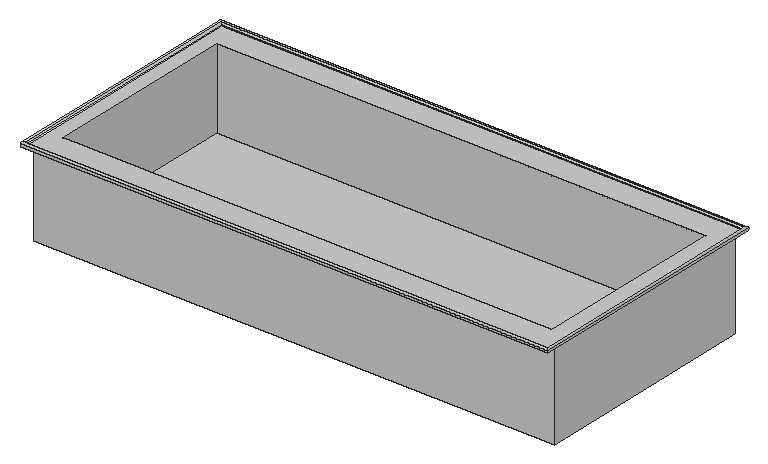
Revit family "QF_VOLLRATH_36452", category Specialty Equipment, Revit 2016
Family settings
  Part Type = Normal
  Round Connector Dimension = Use Diameter
  OmniClass Number = 23.40.40.14.24.14
  OmniClass Title = Service Line Equipment
  Work Plane-Based = Yes
  Always vertical = Yes
  Cut with Voids When Loaded = Yes
  Shared = No
  Room Calculation Point = No
Parameters (values of type "36452")
  Weight in Pounds = 0
  Waste Water Discharge Temperature [instance] = 0 °F
  Waste Remarks = ""
  URL Cutsheet = "www.vollrathfoodservice.com/downloads/52674/SPCDrop-inNonRefrigColdPanL35511en20210625-pdf"
  URL = "www.vollrathfoodservice.com"
  Status [instance] = ""
  Specification by User [instance] = ""
  Specification by Manufacturer = ""
  Serial Number = ""
  Seismic Rating = ""
  SMACNA No = ""
  Revision Code [instance] = ""
  Plumbing Remarks [instance] = ""
  Plumbing Connection Type [instance] = ""
  NAFEM Spec ID Number = ""
  Model = "36452"
  Masterspec = ""
  Manufacturer = "VOLLRATH US"
  Item Number [instance] = ""
  Installed By [instance] = ""
  Identify Quantity as Lot [instance] = no
  Furnished By [instance] = ""
  Foodservice Equipment Identifier [instance] = yes
  Direct Waste Size = 1"
  Direct Waste RI Height = 0"
  Direct Waste Flow = 0 GPM
  Direct Waste Connection Height = 0"
  Description = "FOUR-WELL NONREFRIGERATED COLD WELL"
  Default Elevation = 0"
  CSI MasterFormat = ""
  Author = ""
  Assembly Code = "E1090320"
Reference planes (in)
  plane 1 "Back": y = 0
  plane 2: z = 0
  plane 3 "Left": x = 0
  plane 4 "Front": y = -26
  plane 5 "Top": z = 0
  plane 6 "Right": x = 54.75
Forms (in)
  Extrusion 1, void
    sketch origin (0, 0, 0) x (1, 0, 0) y (0, 1, 0)
      loop
        line (54.375, -0.375) -> (0.375, -0.375) -> (0.375, -25.625) -> (54.375, -25.625) -> (54.375, -0.375)
    from 3.27425 to -9.1875
  Extrusion 2, solid
    sketch origin (14.375, -4, 1.5625) x (1, 0, 0) y (0, 1, 0)
      loop
        circle (13, -9) r 0.5
      loop
        circle (13, -9) r 0.75
    from -9.68 to -10.75
  Extrusion 3, solid
    sketch origin (0, 0, 2.125) x (1, 0, 0) y (0, 1, 0)
      loop
        line (52.75, -3.0625) -> (2, -3.0625) -> (2, -22.9375) -> (52.75, -22.9375) -> (52.75, -3.0625)
      loop
        circle (27.375, -13) r 0.75
    from -11.3125 to -10.2425
  Extrusion 4, solid
    sketch origin (0, 0, 0) x (1, 0, 0) y (0, 1, 0)
      loop
        line (0.625, -0.625) -> (0.625, -25.375) -> (54.125, -25.375) -> (54.125, -0.625) -> (0.625, -0.625)
      loop
        line (2, -3.0625) -> (2, -22.9375) -> (52.75, -22.9375) -> (52.75, -3.0625) -> (2, -3.0625)
    from 0 to 0.14643
  Extrusion 5, solid
    sketch origin (0, 0, 0) x (1, 0, 0) y (0, 1, 0)
      loop
        line (2, -3.0625) -> (2, -22.9375) -> (52.75, -22.9375) -> (52.75, -3.0625) -> (2, -3.0625)
      loop
        line (0.375, -24.6875) -> (54.375, -24.6875) -> (54.375, -1.3125) -> (0.375, -1.3125) -> (0.375, -24.6875)
    from -9.1875 to 0
  Sweep 6, solid
    path origin (0, 0, 0) x (1, 0, 0) y (0, 1, 0)
      loop
        line (0.34375, -0.34375) -> (0.34375, -25.65625) -> (54.40625, -25.65625) -> (54.40625, -0.34375) -> (0.34375, -0.34375)
    profile origin (27.375, -0.34375, 0) x (0, 1, 0) y (0, 0, 1)
      loop
        line (0.34375, 0) -> (0.34375, 0.24548)
        arc (0.34375, 0.24548) -> (0.25632, 0.36797) -> (0.11207, 0.3251) r 0.12952
        line (0.11207, 0.3251) -> (0.00446, 0.18703)
        arc (0.00446, 0.18703) -> (-0.03241, 0.15713) -> (-0.07866, 0.14643) r 0.10539
        line (-0.07866, 0.14643) -> (-0.28125, 0.14643) -> (-0.28125, 0) -> (0.34375, 0)
Cuts and joins
  joined: Extrusion 3, Extrusion 4, Extrusion 5, Sweep 6
Lines and regions (in)
  symbolic lines, style "200-EquipBorder-2D"
    curve 1: line (54.75, 0, 0) -> (0, 0, 0)
    curve 2: line (54.75, -26, 0) -> (54.75, 0, 0)
    curve 3: line (0, 0, 0) -> (0, -26, 0)
    curve 8: line (0, -26, 0) -> (54.75, -26, 0)
  symbolic lines, style "200-EquipInternal-2D"
    curve 4: line (52.75, -3.0625, 0) -> (2, -3.0625, 0)
    curve 5: line (52.75, -22.9375, 0) -> (52.75, -3.0625, 0)
    curve 6: line (2, -22.9375, 0) -> (52.75, -22.9375, 0)
    curve 7: line (2, -3.0625, 0) -> (2, -22.9375, 0)
    curve 9: arc (26.875, -13, 0) -> (27.375, -12.5, 0) -> (27.875, -13, 0) r 0.5
    curve 10: arc (27.875, -13, 0) -> (27.375, -13.5, 0) -> (26.875, -13, 0) r 0.5
    curve 11: arc (26.625, -13, 0) -> (27.375, -12.25, 0) -> (28.125, -13, 0) r 0.75
    curve 12: arc (28.125, -13, 0) -> (27.375, -13.75, 0) -> (26.625, -13, 0) r 0.75
Dimensions and locks (in)
  plane 3 "Left" to plane 6 "Right" = 54 3/4"
  plane 4 "Front" to plane 1 "Back" = 26"
  aligned and locked: level to plane 2
Connectors (in)
  piping at (27.375, -13, -9.1875), diameter 1, driven by "Direct Waste Flow", driven by "Direct Waste Size"
    settings: on cut or joined group of Extrusion 3, Extrusion 4, Extrusion 5, Sweep 6, index 1, connector inside diameter 24", connector length 0", flow factor 0, pipe flow 0 GPM, pressure drop 0.00 psi, fitting loss kfactor 0, connector angle 0.00°, fixture units 0, engagement length 0", angle of deflection 0.00°, flow configuration 1, flow direction 2, fitting loss method 0, system type 16, joint type 0, gender type 0, connector reference index -1, connector utility 0, adjustable connector no, is connector primary yes, connector description "Drain"
